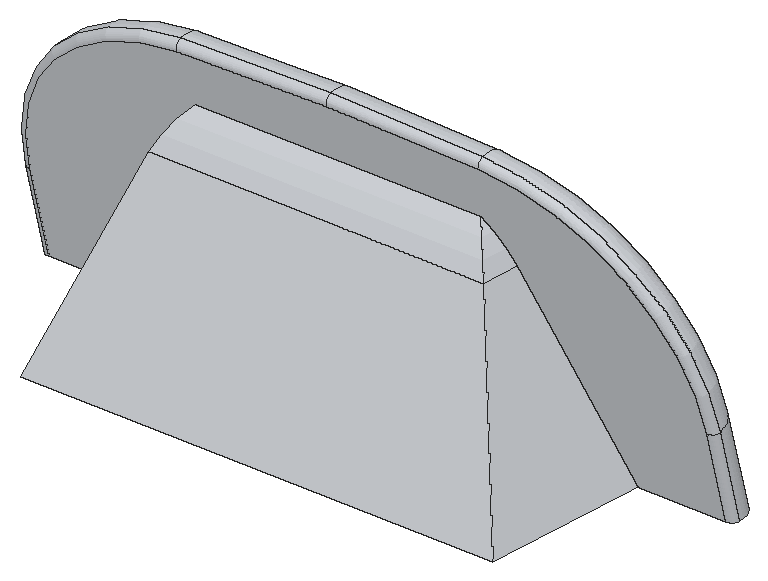
Revit family "Accessory-Shower-Foot_Ledge-KOHLER-K-26306_1", category Specialty Equipment, host Face, Revit 2017
Family settings
  Host = Face
  Round Connector Dimension = Use Diameter
  Part Type = Normal
  OmniClass Number = 23.31.25.00
  OmniClass Title = Toilet and Bath Specialties
  Cut with Voids When Loaded = No
  Shared = No
  Room Calculation Point = No
Parameters (values of type "CP-Polished Chrome")
  Width = 11 13/16"  # constant formula
  WaterSense Certified = 1 = 0  # no
  URL = "https://www.us.kohler.com/us/"
  Type = 1
  Product Page URL = "http://www.us.kohler.com/us/catalog/productDetails.jsp?productId=26306"
  Product Name = ""
  Product Documentation Link = "https://www.us.kohler.com/webassets/kpna/catalog/pdf/en/K-26306_spec.pdf"
  Model = if(Type = 1, "K-26306-CP", if(Type = 2, "K26306-BN", if(Type = 3, "K-26306-BL", if(Type = 4, "K-26306-2MB", "NA"))))  # "K-26306-CP"
  Material = "Plastic"  # constant formula
  Master Format 2014 Name = "Toilet, Bath, and Laundry Accessories"  # constant formula
  Master Format 2014 = "10 28 00"  # constant formula
  Manufacturer Address = "444 Highland Dr, Kohler, WI 53044"  # constant formula
  Manufacturer = "KOHLER Co."  # constant formula
  Length = 5 5/128"  # constant formula
  Height = 3 21/64"  # constant formula
  Finish = Kohler-Plastic-CP-Polished_Chrome
  Environmental Product Declaration = ""
  Description = "Foot Ledge"  # constant formula
  Default Elevation = 15"
  Declare Label = ""
  Date Modified = "01/19/2021"  # constant formula
  Date Created = "01/19/2021"  # constant formula
  Copyright = "Copyright KOHLER Co."  # constant formula
  Contact Us = "https://www.us.kohler.com/us/static/contact.jsp"
  Assembly Code = "C1030200"
  ADA Compliant = 1 = 0  # no
Types (5): name | Type | Model | Finish
  (no name) | 1 | "K-26306-CP" | Kohler-Plastic-CP-Polished_Chrome
  CP-Polished Chrome | 1 | "K-26306-CP" | Kohler-Plastic-CP-Polished_Chrome
  BN-Vibrant Brushed Nickel | 2 | "K26306-BN" | KOHLER-Plastic-BN-Vibrant_Brushed_Nickel
  BL-Matte Black | 3 | "K-26306-BL" | KOHLER-Plastic-BL-Matte_Black
  2MB-Vibrant Brushed Moderne Brass | 4 | "K-26306-2MB" | KOHLER-Plastic-2MB-Vibrant_Brushed_Moderne_Brass
Reference planes (in)
  plane 1 "Center (Front/Back)": y = 0
  plane 2: z = 0
  plane 3 "Center (Left/Right)": x = 0
  plane 4: y = -1.8032
  plane 5: y = 1.52492
  plane 6: x = -5.90551
  plane 7: x = 5.90699
  plane 8: z = 5.03906
Dimensions and locks (in)
  "Height": plane 5 to plane 4
  "Length": plane 8 to plane 2
  "Width": plane 7 to plane 6
  aligned and locked: plane 2 to host face
  aligned and locked: level to host face
Automatic sketch dimensions
  host sketch curve to host sketch curve = 96"  (x2)
Nested families (in)
  nested 1: "K-26306" at (0, -1.8032, 0) x (-1, 0, 0) z (0, 1, 0), type "K-26306"
Definition of nested family "K-26306"
  Parameters (values of type "K-26306")
    Material = none
    Default Elevation = 48"
  Reference planes (in)
    plane 1 "Center (Front/Back)": y = 0
    plane 2: z = 0
    plane 3 "Center (Left/Right)": x = 0
    plane 4: y = -5.03937
    plane 5: z = 3.32803
    plane 6: x = -5.90551
    plane 7: x = 5.90551
    plane 8 "A": through (0, -4.79678, 1.51772) normal (0, 0.2561, -0.9667)
    plane 9: z = 1.52482
  Forms (in)
    Sweep 1, solid, material <- "Material", detail levels medium+fine
      path origin (0, -0.69024, 2.60558) x (0, -0.966657, -0.256076) y (-1, 0, 0)
        loop
          arc (4.38494, 2.57646) -> (3.27669, 4.94234) -> (0.84812, 5.90551) r 3.54331
          line (0.84812, 5.90551) -> (-1.1424, 5.90551) -> (-1.1424, -5.90551) -> (0.84812, -5.90551)
          arc (0.84812, -5.90551) -> (3.27669, -4.94234) -> (4.38494, -2.57646) r 3.54331
          arc (4.38494, -2.57646) -> (4.44342, -1.28882) -> (4.46291, 0) r 42.60896
          arc (4.46291, 0) -> (4.44342, 1.28882) -> (4.38494, 2.57646) r 42.60896
      profile origin (0, -5.00435, 1.46274) x (0, 0.966657, 0.256076) y (0, 0.256076, -0.966657)
        loop
          arc (0.13407, 0) -> (0.04125, -0.03741) -> (0.00031, -0.12872) r 0.13386
          arc (0.00031, -0.12872) -> (0.1172, -0.43565) -> (0.41942, -0.56425) r 0.41942
          line (0.41942, -0.56425) -> (0.61092, -0.56425) -> (0.61092, 0) -> (0.13407, 0)
    Extrusion 2, solid, material <- "Material", detail levels medium+fine
      sketch origin (0, -0.69024, 2.60558) x (0, -0.966657, -0.256076) y (-1, 0, 0)
        loop
          line (0.84812, 5.29459) -> (-0.53148, 5.29459) -> (-0.53148, -5.29459) -> (0.84812, -5.29459)
          arc (0.84812, -5.29459) -> (2.85796, -4.49748) -> (3.77514, -2.53952) r 2.93239
          arc (3.77514, -2.53952) -> (3.83277, -1.27034) -> (3.85199, 0) r 41.99804
          arc (3.85199, 0) -> (3.83277, 1.27034) -> (3.77514, 2.53952) r 41.99804
          arc (3.77514, 2.53952) -> (2.85796, 4.49748) -> (0.84812, 5.29459) r 2.93239
      from -0.56425 to 0
    Sweep 3, void
      path origin (0, 0, 0.02461) x (0, 1, 0) y (0, 0, 1)
        loop
          line (0.42872, 3.41906) -> (-4.22842, 2.16067)
          arc (-4.22842, 2.16067) -> (-4.3726, 2.12947) -> (-4.5192, 2.11306) r 1.45256
          arc (-4.5192, 2.11306) -> (-4.56244, 2.11891) -> (-4.6002, 2.14079) r 0.11246
          arc (-4.6002, 2.14079) -> (-4.63275, 2.16154) -> (-4.67003, 2.17154) r 0.12689
          arc (-4.67003, 2.17154) -> (-4.81082, 2.2056) -> (-4.93841, 2.27417) r 0.56789
      profile origin (0, -1.89985, 2.81447) x (0, 0.260851, -0.965379) y (1, 0, 0)
        loop
          line (-0.09829, -5.81513) -> (0, -5.81513) -> (0, 6.19838) -> (-0.09829, 6.19838) -> (-0.09829, -5.81513)
    Sweep 4, solid, material <- "Material", detail levels medium+fine
      path origin (0, 0, 0) x (1, 0, 0) y (0, 0, 1)
        loop
          line (-4.27854, 2.94152) -> (-4.02119, 0) -> (4.02119, 0) -> (4.27854, 2.94152)
      profile origin (0, 0, 0) x (0, 0, 1) y (0, -1, 0)
        loop
          line (1.28012, 3.27061) -> (0, 0) -> (0.26121, 0) -> (1.7886, 3.90235) -> (1.74712, 3.94808)
          arc (1.74712, 3.94808) -> (1.47442, 3.63637) -> (1.28012, 3.27061) r 1.80115
    Extrusion 5, solid, material <- "Material", detail levels medium+fine
      sketch origin (0, 0, 0) x (1, 0, 0) y (0, 0, 1)
        loop
          line (3.78183, 0.26121) -> (4.01832, 2.96429) -> (-4.01832, 2.96429) -> (-3.78183, 0.26121) -> (3.78183, 0.26121)
        loop
          line (2.655, 1.7545) -> (2.655, 2.07815)
          arc (2.655, 2.07815) -> (2.5, 2.23315) -> (2.345, 2.07815) r 0.155
          line (2.345, 2.07815) -> (2.345, 1.7545)
          arc (2.345, 1.7545) -> (2.5, 1.25132) -> (2.655, 1.7545) r 0.27547
        loop
          arc (-2.655, 1.7545) -> (-2.5, 1.25132) -> (-2.345, 1.7545) r 0.27547
          line (-2.345, 1.7545) -> (-2.345, 2.07815)
          arc (-2.345, 2.07815) -> (-2.5, 2.23315) -> (-2.655, 2.07815) r 0.155
          line (-2.655, 2.07815) -> (-2.655, 1.7545)
        loop
          circle (0, 0.71581) r 0.13853
      from 0 to 0.02597
    Extrusion 6, void
      sketch origin (0, 0.76914, -2.21695) x (0, 1, 0) y (0, 0, 1)
        loop
          line (-0.62462, 5.43348) -> (-4.91718, 5.43348) -> (-4.91718, 4.27361) -> (-0.62462, 5.43348)
      from -7.46878 to 9.84252
    Extrusion 7, void
      sketch origin (0, 0, 0) x (0, 1, 0) y (0, 0, 1)
        loop
          line (0, 2.60576) -> (0.55748, 2.60576) -> (0.55748, 3.47042) -> (0, 3.47042) -> (0, 2.60576)
      from -6.60344 to 6.71869
    Extrusion 8, solid, material <- "Material", detail levels coarse
      sketch origin (0, 0, 0) x (0, 1, 0) y (0, 0, 1)
        loop
          line (-4.24865, 1.66293) -> (0, 0) -> (0, 2.78843) -> (-4.24865, 1.66293)
      from -4.27296 to 4.28841
    Extrusion 9, solid, material <- "Material", detail levels coarse
      sketch origin (0, -0.02424, 2.78201) x (0, -0.966657, -0.256076) y (-1, 0, 0)
        loop
          line (-0.34231, -5.90551) -> (1.39934, -5.90551)
          spline (1.39934, -5.90551) -> (1.8348, -5.87676) -> (2.26319, -5.79097) -> (2.67757, -5.64953) -> (3.0712, -5.45474) -> (3.43769, -5.20976) -> (3.77111, -4.91856) -> (4.06603, -4.58588) -> (4.31767, -4.21711) -> (4.52195, -3.81823) -> (4.67556, -3.39572) -> (4.77599, -2.95644) -> (4.82162, -2.50752)
          spline (4.82162, -2.50752) -> (4.82956, -2.29866) -> (4.83681, -2.08978) -> (4.84337, -1.88087) -> (4.84924, -1.67194) -> (4.85442, -1.46299) -> (4.85891, -1.25402) -> (4.86271, -1.04504) -> (4.86581, -0.83605) -> (4.86823, -0.62704) -> (4.86996, -0.41803) -> (4.871, -0.20902) -> (4.87134, 0)
          spline (4.87134, 0) -> (4.871, 0.20902) -> (4.86996, 0.41803) -> (4.86823, 0.62704) -> (4.86581, 0.83605) -> (4.86271, 1.04504) -> (4.85891, 1.25402) -> (4.85442, 1.46299) -> (4.84924, 1.67194) -> (4.84337, 1.88087) -> (4.83681, 2.08978) -> (4.82956, 2.29866) -> (4.82162, 2.50752)
          spline (4.82162, 2.50752) -> (4.77599, 2.95644) -> (4.67556, 3.39572) -> (4.52195, 3.81823) -> (4.31767, 4.21711) -> (4.06603, 4.58588) -> (3.77111, 4.91856) -> (3.43769, 5.20976) -> (3.0712, 5.45474) -> (2.67757, 5.64953) -> (2.26319, 5.79097) -> (1.8348, 5.87676) -> (1.39934, 5.90551)
          line (1.39934, 5.90551) -> (-0.34231, 5.90551) -> (-0.34231, -5.90551)
      from -0.56425 to 0
  Cuts and joins
    Sweep 3, Extrusion 7 cuts Sweep 1
    Sweep 3, Extrusion 7 cuts Extrusion 2
    joined: Sweep 1, Extrusion 2, Extrusion 5
    Extrusion 6 cuts Sweep 4
    Extrusion 7 cuts Extrusion 9
    joined: Extrusion 8, Extrusion 9
  Lines and regions (in)
    Masking region 1
      outline origin (0, 0, 0) x (1, 0, 0) y (0, 1, 0)
        loop
          arc (-5.90551, -1.4476) -> (-4.91856, -3.90119) -> (-2.50752, -4.98793) r 3.54331
          arc (-2.50752, -4.98793) -> (-1.25402, -5.02651) -> (0, -5.03937) r 61.14326
          arc (0, -5.03937) -> (1.25402, -5.02651) -> (2.50752, -4.98793) r 61.14326
          arc (2.50752, -4.98793) -> (4.91856, -3.90119) -> (5.90551, -1.4476) r 3.54331
          line (5.90551, -1.4476) -> (5.90551, 0) -> (-5.90551, 0) -> (-5.90551, -1.4476)
    Masking region 2
      outline origin (0, 0, 0) x (0, 1, 0) y (0, 0, 1)
        loop
          arc (-4.22842, 2.18528) -> (-4.3726, 2.15408) -> (-4.5192, 2.13767) r 1.45256
          arc (-4.5192, 2.13767) -> (-4.54696, 2.13943) -> (-4.57344, 2.14795) r 0.11246
          arc (-4.57344, 2.14795) -> (-4.59214, 2.15293) -> (-4.6114, 2.15121) r 0.05562
          line (-4.6114, 2.15121) -> (-4.75019, 2.11371)
          arc (-4.75019, 2.11371) -> (-5.00616, 1.91202) -> (-5.03759, 1.58766) r 0.41505
          arc (-5.03759, 1.58766) -> (-4.97786, 1.51203) -> (-4.88302, 1.49488) r 0.13618
          line (-4.88302, 1.49488) -> (-3.94473, 1.74344)
          arc (-3.94473, 1.74344) -> (-3.63432, 1.47301) -> (-3.27061, 1.28012) r 1.80115
          line (-3.27061, 1.28012) -> (0, 0) -> (0, 3.32782) -> (-4.22842, 2.18528)
    Masking region 3
      outline origin (0, 0, 0) x (1, 0, 0) y (0, 0, 1)
        loop
          arc (-5.67087, 3.32803) -> (-5.84723, 3.15897) -> (-5.90499, 2.9216) r 0.43606
          line (-5.90499, 2.9216) -> (-5.90499, 2.52937)
          arc (-5.90499, 2.52937) -> (-5.87253, 2.36871) -> (-5.78026, 2.23326) r 0.41385
          arc (-5.78026, 2.23326) -> (-5.52517, 2.03619) -> (-5.2317, 1.90286) r 1.39651
          arc (-5.2317, 1.90286) -> (-4.65857, 1.74183) -> (-4.07513, 1.62346) r 8.07551
          line (-4.07513, 1.62346) -> (-4.04663, 1.115)
          arc (-4.04663, 1.115) -> (-3.67884, 0.32288) -> (-2.86738, 0) r 1.1811
          line (-2.86738, 0) -> (-0.25, 0) -> (-0.25, 0.14107)
          arc (-0.25, 0.14107) -> (-0.20383, 0.1706) -> (-0.15, 0.18094) r 0.14534
          line (-0.15, 0.18094) -> (0.15, 0.18094)
          arc (0.15, 0.18094) -> (0.20383, 0.1706) -> (0.25, 0.14107) r 0.14534
          line (0.25, 0.14107) -> (0.25, 0) -> (2.86738, 0)
          arc (2.86738, 0) -> (3.67884, 0.32288) -> (4.04663, 1.115) r 1.1811
          line (4.04663, 1.115) -> (4.07513, 1.62346)
          arc (4.07513, 1.62346) -> (4.65857, 1.74183) -> (5.2317, 1.90286) r 8.07551
          arc (5.2317, 1.90286) -> (5.52517, 2.03619) -> (5.78026, 2.23326) r 1.39651
          arc (5.78026, 2.23326) -> (5.87253, 2.36871) -> (5.90499, 2.52937) r 0.41385
          line (5.90499, 2.52937) -> (5.90499, 2.9216)
          arc (5.90499, 2.9216) -> (5.84723, 3.15897) -> (5.67087, 3.32803) r 0.43606
          line (5.67087, 3.32803) -> (0, 3.32803) -> (-5.67087, 3.32803)
    symbolic lines, detail levels medium+fine
      curve 1: line (-5.68709, -1.651, 0) -> (-5.67076, 0, 0)
      curve 2: spline (-4.36737, -4.22899, 0) -> (-4.56656, -4.07169, 0) -> (-4.75254, -3.89999, 0) -> (-4.92418, -3.7149, 0) -> (-5.08048, -3.51754, 0) -> (-5.22048, -3.30909, 0) -> (-5.34334, -3.0908, 0) -> (-5.44833, -2.86399, 0) -> (-5.53482, -2.63001, 0) -> (-5.60228, -2.39027, 0) -> (-5.65032, -2.14621, 0) -> (-5.67865, -1.89929, 0) -> (-5.68709, -1.651, 0)
      curve 3: line (3.10068, -4.58871, 0) -> (-3.10068, -4.58871, 0)
      curve 4: spline (-3.78062, -4.5192, 0) -> (-3.83271, -4.5017, 0) -> (-3.88435, -4.48292, 0) -> (-3.9355, -4.46289, 0) -> (-3.98612, -4.44161, 0) -> (-4.03617, -4.41912, 0) -> (-4.08562, -4.39542, 0) -> (-4.13442, -4.37053, 0) -> (-4.18253, -4.34447, 0) -> (-4.22992, -4.31726, 0) -> (-4.27655, -4.28893, 0) -> (-4.32238, -4.2595, 0) -> (-4.36737, -4.22899, 0)
      curve 5: line (-3.10068, -4.58871, 0) -> (-3.78062, -4.5192, 0)
      curve 6: line (3.78062, -4.5192, 0) -> (3.10068, -4.58871, 0)
      curve 7: spline (5.68709, -1.651, 0) -> (5.67864, -1.89938, 0) -> (5.65029, -2.14639, 0) -> (5.60222, -2.39054, 0) -> (5.5347, -2.63037, 0) -> (5.44815, -2.86442, 0) -> (5.34308, -3.0913, 0) -> (5.22013, -3.30965, 0) -> (5.08003, -3.51814, 0) -> (4.92363, -3.71554, 0) -> (4.75187, -3.90065, 0) -> (4.56577, -4.07237, 0) -> (4.36645, -4.22966, 0)
      curve 8: spline (4.36645, -4.22966, 0) -> (4.32169, -4.26068, 0) -> (4.27608, -4.29051, 0) -> (4.22963, -4.31915, 0) -> (4.18239, -4.34655, 0) -> (4.1344, -4.3727, 0) -> (4.0857, -4.39759, 0) -> (4.03632, -4.42118, 0) -> (3.9863, -4.44347, 0) -> (3.93567, -4.46443, 0) -> (3.88449, -4.48405, 0) -> (3.8328, -4.50231, 0) -> (3.78062, -4.5192, 0)
      curve 9: line (5.67076, 0, 0) -> (5.68709, -1.651, 0)
      curve 10: line (0, -3.94473, 1.74344) -> (0, 0, 2.78843)
      curve 11: arc (-2.6253, 0, 1.52716) -> (-1.31278, 0, 1.49911) -> (0, 0, 1.48976) r 92.16794
      curve 12: arc (-4.07513, 0, 1.62346) -> (-3.35113, 0, 1.56159) -> (-2.6253, 0, 1.52716) r 19.20441
      curve 13: arc (2.6253, 0, 1.52716) -> (1.31278, 0, 1.49911) -> (0, 0, 1.48976) r 92.16794
      curve 14: arc (4.07513, 0, 1.62346) -> (3.35113, 0, 1.56159) -> (2.6253, 0, 1.52716) r 19.20441
      curve 15: line (-5.68709, 0, 2.88171) -> (-5.67076, 0, 3.32782)
      curve 16: spline (-4.36744, 0, 2.18514) -> (-4.56662, 0, 2.22764) -> (-4.75259, 0, 2.27404) -> (-4.92423, 0, 2.32405) -> (-5.08051, 0, 2.37738) -> (-5.2205, 0, 2.4337) -> (-5.34336, 0, 2.49268) -> (-5.44834, 0, 2.55397) -> (-5.53483, 0, 2.61719) -> (-5.60229, 0, 2.68196) -> (-5.65033, 0, 2.74791) -> (-5.67865, 0, 2.81463) -> (-5.68709, 0, 2.88171)
      curve 17: spline (-3.78062, 0, 2.13767) -> (-3.83271, 0, 2.13753) -> (-3.88436, 0, 2.13814) -> (-3.93552, 0, 2.1395) -> (-3.98615, 0, 2.14162) -> (-4.03621, 0, 2.14447) -> (-4.08566, 0, 2.14808) -> (-4.13446, 0, 2.15242) -> (-4.18258, 0, 2.15751) -> (-4.22997, 0, 2.16333) -> (-4.27661, 0, 2.16988) -> (-4.32244, 0, 2.17715) -> (-4.36744, 0, 2.18514)
      curve 18: line (-3.10068, 0, 2.15655) -> (-3.78062, 0, 2.13767)
      curve 19: line (3.10068, 0, 2.15655) -> (-3.10068, 0, 2.15655)
      curve 20: line (5.68709, 0, 2.88171) -> (5.67076, 0, 3.32782)
      curve 21: spline (4.36744, 0, 2.18514) -> (4.56662, 0, 2.22764) -> (4.75259, 0, 2.27404) -> (4.92423, 0, 2.32405) -> (5.08051, 0, 2.37738) -> (5.2205, 0, 2.4337) -> (5.34336, 0, 2.49268) -> (5.44834, 0, 2.55397) -> (5.53483, 0, 2.61719) -> (5.60229, 0, 2.68196) -> (5.65033, 0, 2.74791) -> (5.67865, 0, 2.81463) -> (5.68709, 0, 2.88171)
      curve 22: spline (3.78062, 0, 2.13767) -> (3.83271, 0, 2.13753) -> (3.88436, 0, 2.13814) -> (3.93552, 0, 2.1395) -> (3.98615, 0, 2.14162) -> (4.03621, 0, 2.14447) -> (4.08566, 0, 2.14808) -> (4.13446, 0, 2.15242) -> (4.18258, 0, 2.15751) -> (4.22997, 0, 2.16333) -> (4.27661, 0, 2.16988) -> (4.32244, 0, 2.17715) -> (4.36744, 0, 2.18514)
      curve 23: line (3.10068, 0, 2.15655) -> (3.78062, 0, 2.13767)
  Dimensions and locks (in)
    plane 1 "Center (Front/Back)" to plane 4 = 5.03937"
    plane 5 to plane 2 = 3.32803"
    plane 6 to plane 7 = 11.81102"
    aligned and locked: plane 2 to level
